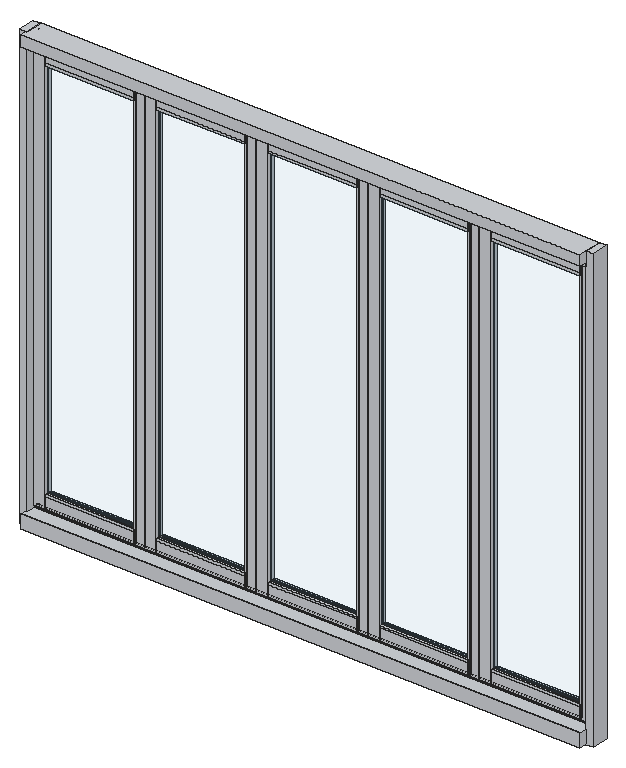
Revit family "MT-HB_BIFOLD DOOR_XXXXX", category Doors, host Wall, Revit 2017 (continued)
Definition of nested family "HB_DB-SG_GLAZED TOP PANEL"
  Definition of nested family "DETAIL_HB14_SINGLE GLAZED DOOR STILE"
    Lines and regions (mm)
      model lines, in view "Ref. Level"
        curve 71: line (47.853, -9.531, 0) -> (65.629, -14.294, 0)
        curve 72: line (66, -14.777, 0) -> (66, -20, 0)
        curve 73: line (65.5, -20.5, 0) -> (6.991, -20.5, 0)
        curve 74: line (6.491, -20, 0) -> (6.491, -16.5, 0)
        curve 75: line (5.491, -15.5, 0) -> (4, -15.5, 0)
        curve 76: line (3, -14.5, 0) -> (3, 14.5, 0)
        curve 77: line (4, 15.5, 0) -> (5.491, 15.5, 0)
        curve 78: line (6.491, 16.5, 0) -> (6.491, 20, 0)
        curve 79: line (6.991, 20.5, 0) -> (65.5, 20.5, 0)
        curve 80: line (66, 20, 0) -> (66, 14.777, 0)
  Definition of nested family "DETAIL_HB70_DOUBLE GLAZED DOOR STILE"
    Reference planes
      plane 1 "Center (Front/Back)": y = 0
      plane 2: z = 0
      plane 3 "Center (Left/Right)": x = 0
    Lines and regions (mm)
      model lines, in view "Ref. Level"
        curve 1: arc (64.848, 20.65, 0) -> (64.438, 20.437, 0) -> (64.378, 19.979, 0) r 0.5
        curve 2: arc (65.124, 17.927, 0) -> (63.886, 16.252, 0) -> (62.825, 18.044, 0) r 1.25
        curve 3: arc (62.825, 18.044, 0) -> (62.864, 18.198, 0) -> (62.84, 18.355, 0) r 0.4
        curve 4: arc (62.18, 20.171, 0) -> (61.997, 20.41, 0) -> (61.71, 20.5, 0) r 0.5
        curve 5: arc (49.5, 20.5, 0) -> (49.146, 20.354, 0) -> (49, 20, 0) r 0.5
        curve 6: arc (49, 0.757, 0) -> (48.962, 0.566, 0) -> (48.853, 0.404, 0) r 0.5
        curve 7: arc (48.853, -0.404, 0) -> (48.962, -0.566, 0) -> (49, -0.757, 0) r 0.5
        curve 8: arc (49, -20, 0) -> (49.146, -20.354, 0) -> (49.5, -20.5, 0) r 0.5
        curve 9: arc (61.71, -20.5, 0) -> (61.997, -20.41, 0) -> (62.18, -20.171, 0) r 0.5
        curve 10: arc (62.84, -18.355, 0) -> (62.864, -18.198, 0) -> (62.825, -18.044, 0) r 0.4
        curve 11: arc (62.825, -18.044, 0) -> (63.886, -16.252, 0) -> (65.124, -17.927, 0) r 1.25
        curve 12: arc (64.378, -19.979, 0) -> (64.438, -20.437, 0) -> (64.848, -20.65, 0) r 0.5
        curve 13: arc (71.237, -20.65, 0) -> (71.647, -20.437, 0) -> (71.707, -19.979, 0) r 0.5
        curve 14: arc (70.23, -15.921, 0) -> (70.346, -15.396, 0) -> (70.871, -15.28, 0) r 0.5
        curve 15: arc (72.337, -15.814, 0) -> (72.528, -15.96, 0) -> (72.6, -16.19, 0) r 0.4
        curve 16: arc (72.6, -17.25, 0) -> (72.717, -17.533, 0) -> (73, -17.65, 0) r 0.4
        curve 17: arc (74.6, -17.65, 0) -> (74.883, -17.767, 0) -> (75, -18.05, 0) r 0.4
        curve 18: arc (75, -22.1, 0) -> (74.883, -22.383, 0) -> (74.6, -22.5, 0) r 0.4
        curve 19: arc (0.5, -22.5, 0) -> (0.146, -22.354, 0) -> (0, -22, 0) r 0.5
        curve 20: arc (0, -20.7, 0) -> (0.146, -20.346, 0) -> (0.5, -20.2, 0) r 0.5
        curve 21: arc (4.1, -20.2, 0) -> (4.383, -20.083, 0) -> (4.5, -19.8, 0) r 0.4
        curve 22: arc (4.5, -17.9, 0) -> (4.383, -17.617, 0) -> (4.1, -17.5, 0) r 0.4
        curve 23: arc (1, -17.5, 0) -> (0.5, -18, 0) -> (0, -17.5, 0) r 0.5
        curve 24: arc (0, -15.507, 0) -> (0.038, -15.316, 0) -> (0.146, -15.154, 0) r 0.5
        curve 25: arc (0.146, -14.446, 0) -> (0.038, -14.284, 0) -> (0, -14.093, 0) r 0.5
        curve 26: arc (0, 14.093, 0) -> (0.038, 14.284, 0) -> (0.146, 14.446, 0) r 0.5
        curve 27: arc (0.146, 15.154, 0) -> (0.038, 15.316, 0) -> (0, 15.507, 0) r 0.5
        curve 28: arc (0, 17.5, 0) -> (0.5, 18, 0) -> (1, 17.5, 0) r 0.5
        curve 29: arc (4.1, 17.5, 0) -> (4.383, 17.617, 0) -> (4.5, 17.9, 0) r 0.4
        curve 30: arc (4.5, 19.8, 0) -> (4.383, 20.083, 0) -> (4.1, 20.2, 0) r 0.4
        curve 31: arc (0.5, 20.2, 0) -> (0.146, 20.346, 0) -> (0, 20.7, 0) r 0.5
        curve 32: arc (0, 22, 0) -> (0.146, 22.354, 0) -> (0.5, 22.5, 0) r 0.5
        curve 33: arc (74.6, 22.5, 0) -> (74.883, 22.383, 0) -> (75, 22.1, 0) r 0.4
        curve 34: arc (75, 18.05, 0) -> (74.883, 17.767, 0) -> (74.6, 17.65, 0) r 0.4
        curve 35: arc (73, 17.65, 0) -> (72.717, 17.533, 0) -> (72.6, 17.25, 0) r 0.4
        curve 36: arc (72.6, 16.19, 0) -> (72.528, 15.96, 0) -> (72.337, 15.814, 0) r 0.4
        curve 37: arc (70.871, 15.28, 0) -> (70.346, 15.396, 0) -> (70.23, 15.921, 0) r 0.5
        curve 38: arc (71.707, 19.979, 0) -> (71.647, 20.437, 0) -> (71.237, 20.65, 0) r 0.5
        curve 39: arc (3, 14.5, 0) -> (3.293, 15.207, 0) -> (4.001, 15.5, 0) r 1
        curve 40: arc (5.5, 15.5, 0) -> (6.207, 15.793, 0) -> (6.5, 16.5, 0) r 1
        curve 41: arc (6.5, 20, 0) -> (6.646, 20.354, 0) -> (7, 20.5, 0) r 0.5
        curve 42: arc (45.5, 20.5, 0) -> (45.853, 20.354, 0) -> (46, 20, 0) r 0.5
        curve 43: arc (46, -20, 0) -> (45.853, -20.354, 0) -> (45.5, -20.5, 0) r 0.5
        curve 44: arc (7, -20.5, 0) -> (6.646, -20.354, 0) -> (6.5, -20, 0) r 0.5
        curve 45: arc (6.5, -16.5, 0) -> (6.207, -15.793, 0) -> (5.5, -15.5, 0) r 1
        curve 46: arc (4, -15.5, 0) -> (3.293, -15.207, 0) -> (3, -14.5, 0) r 1
        curve 47: line (64.378, 19.979, 0) -> (65.124, 17.927, 0)
        curve 48: line (62.84, 18.355, 0) -> (62.18, 20.171, 0)
        curve 49: line (61.71, 20.5, 0) -> (49.5, 20.5, 0)
        curve 50: line (49, 20, 0) -> (49, 0.757, 0)
        curve 51: line (48.853, 0.404, 0) -> (48.7, 0.25, 0)
        curve 52: line (48.7, 0.25, 0) -> (48.7, -0.25, 0)
        curve 53: line (48.7, -0.25, 0) -> (48.853, -0.404, 0)
        curve 54: line (49, -0.757, 0) -> (49, -20, 0)
        curve 55: line (49.5, -20.5, 0) -> (61.71, -20.5, 0)
        curve 56: line (62.18, -20.171, 0) -> (62.84, -18.355, 0)
        curve 57: line (65.124, -17.927, 0) -> (64.378, -19.979, 0)
        curve 58: line (64.848, -20.65, 0) -> (71.237, -20.65, 0)
        curve 59: line (71.707, -19.979, 0) -> (70.23, -15.921, 0)
        curve 60: line (70.871, -15.28, 0) -> (72.337, -15.814, 0)
        curve 61: line (72.6, -16.19, 0) -> (72.6, -17.25, 0)
        curve 62: line (73, -17.65, 0) -> (74.6, -17.65, 0)
        curve 63: line (75, -18.05, 0) -> (75, -22.1, 0)
        curve 64: line (74.6, -22.5, 0) -> (0.5, -22.5, 0)
        curve 65: line (0, -22, 0) -> (0, -20.7, 0)
        curve 66: line (0.5, -20.2, 0) -> (4.1, -20.2, 0)
        curve 67: line (4.5, -19.8, 0) -> (4.5, -17.9, 0)
        curve 68: line (4.1, -17.5, 0) -> (1, -17.5, 0)
        curve 69: line (0, -17.5, 0) -> (0, -15.507, 0)
        curve 70: line (0.146, -15.154, 0) -> (0.5, -14.8, 0)
        curve 71: line (0.5, -14.8, 0) -> (0.146, -14.446, 0)
        curve 72: line (0, -14.093, 0) -> (0, 14.093, 0)
        curve 73: line (0.146, 14.446, 0) -> (0.5, 14.8, 0)
        curve 74: line (0.5, 14.8, 0) -> (0.146, 15.154, 0)
        curve 75: line (0, 15.507, 0) -> (0, 17.5, 0)
        curve 76: line (1, 17.5, 0) -> (4.1, 17.5, 0)
        curve 77: line (4.5, 17.9, 0) -> (4.5, 19.8, 0)
        curve 78: line (4.1, 20.2, 0) -> (0.5, 20.2, 0)
        curve 79: line (0, 20.7, 0) -> (0, 22, 0)
        curve 80: line (0.5, 22.5, 0) -> (74.6, 22.5, 0)
        curve 81: line (75, 22.1, 0) -> (75, 18.05, 0)
        curve 82: line (74.6, 17.65, 0) -> (73, 17.65, 0)
        curve 83: line (72.6, 17.25, 0) -> (72.6, 16.19, 0)
        curve 84: line (72.337, 15.814, 0) -> (70.871, 15.28, 0)
        curve 85: line (70.23, 15.921, 0) -> (71.707, 19.979, 0)
        curve 86: line (71.237, 20.65, 0) -> (64.848, 20.65, 0)
        curve 87: line (4.001, 15.5, 0) -> (5.5, 15.5, 0)
        curve 88: line (6.5, 16.5, 0) -> (6.5, 20, 0)
        curve 89: line (7, 20.5, 0) -> (45.5, 20.5, 0)
        curve 90: line (46, 20, 0) -> (46, -20, 0)
        curve 91: line (45.5, -20.5, 0) -> (7, -20.5, 0)
        curve 92: line (6.5, -20, 0) -> (6.5, -16.5, 0)
        curve 93: line (5.5, -15.5, 0) -> (4, -15.5, 0)
        curve 94: line (3, -14.5, 0) -> (3, 14.5, 0)
  Definition of nested family "DETAIL_HB17_TOP&BOTTOM RAIL"
    Reference planes
      plane 1 "Center (Front/Back)": y = 0
      plane 2: z = 0
      plane 3 "Center (Left/Right)": x = 0
    Lines and regions (mm)
      detail lines, in view "Ref. Level"
        curve 1: arc (20.5, -80.5, 0) -> (20.354, -80.854, 0) -> (20, -81, 0) r 0.5
        curve 2: arc (12, -81, 0) -> (11.646, -80.854, 0) -> (11.5, -80.5, 0) r 0.5
        curve 3: arc (11.5, -79.98, 0) -> (11.41, -79.694, 0) -> (11.171, -79.51, 0) r 0.5
        curve 4: arc (7.5, -78.2, 0) -> (7.217, -78.317, 0) -> (7.1, -78.6, 0) r 0.4
        curve 5: arc (7.582, -80.452, 0) -> (7.654, -80.559, 0) -> (7.775, -80.6, 0) r 0.2
        curve 6: arc (9.5, -82.8, 0) -> (9.559, -82.941, 0) -> (9.7, -83, 0) r 0.2
        curve 7: arc (22.3, -83, 0) -> (22.441, -82.941, 0) -> (22.5, -82.8, 0) r 0.2
        curve 8: arc (22.5, -0.2, 0) -> (22.441, -0.059, 0) -> (22.3, 0, 0) r 0.2
        curve 9: arc (20.5, 0, 0) -> (20.359, -0.059, 0) -> (20.3, -0.2, 0) r 0.2
        curve 10: arc (20.3, -15.5, 0) -> (20.154, -15.854, 0) -> (19.8, -16, 0) r 0.5
        curve 11: arc (-19.8, -16, 0) -> (-20.154, -15.854, 0) -> (-20.3, -15.5, 0) r 0.5
        curve 12: arc (-20.3, -0.2, 0) -> (-20.359, -0.059, 0) -> (-20.5, 0, 0) r 0.2
        curve 13: arc (-22.3, 0, 0) -> (-22.441, -0.059, 0) -> (-22.5, -0.2, 0) r 0.2
        curve 14: arc (-22.5, -66.8, 0) -> (-22.441, -66.941, 0) -> (-22.3, -67, 0) r 0.2
        curve 15: arc (-19.707, -65.907, 0) -> (-19.494, -65.475, 0) -> (-19.588, -65.002, 0) r 0.75
        curve 16: arc (-20.022, -64.25, 0) -> (-20.022, -63.75, 0) -> (-19.589, -63.5, 0) r 0.5
        curve 17: arc (-4.95, -65.5, 0) -> (-5.7, -66.25, 0) -> (-4.95, -67, 0) r 0.75
        curve 18: arc (20, -67, 0) -> (20.354, -67.146, 0) -> (20.5, -67.5, 0) r 0.5
        curve 19: arc (20, -65, 0) -> (20.492, -64.59, 0) -> (20.176, -64.032, 0) r 0.5
        curve 20: arc (16.024, -62.468, 0) -> (15.708, -61.91, 0) -> (16.2, -61.5, 0) r 0.5
        curve 21: arc (20, -61.5, 0) -> (20.354, -61.354, 0) -> (20.5, -61, 0) r 0.5
        curve 22: arc (18.997, -52.282, 0) -> (18.854, -52.172, 0) -> (18.8, -52, 0) r 0.3
        curve 23: arc (18.8, -52, 0) -> (18.854, -51.828, 0) -> (18.997, -51.718, 0) r 0.3
        curve 24: arc (18.997, -27.282, 0) -> (18.854, -27.172, 0) -> (18.8, -27, 0) r 0.3
        curve 25: arc (18.8, -27, 0) -> (18.854, -26.828, 0) -> (18.997, -26.718, 0) r 0.3
        curve 26: arc (20.5, -18.7, 0) -> (20.354, -18.346, 0) -> (20, -18.2, 0) r 0.5
        curve 27: arc (-20, -18.2, 0) -> (-20.354, -18.346, 0) -> (-20.5, -18.7, 0) r 0.5
        curve 28: arc (-18.997, -26.718, 0) -> (-18.854, -26.828, 0) -> (-18.8, -27, 0) r 0.3
        curve 29: arc (-18.8, -27, 0) -> (-18.854, -27.172, 0) -> (-18.997, -27.282, 0) r 0.3
        curve 30: arc (-18.997, -51.718, 0) -> (-18.854, -51.828, 0) -> (-18.8, -52, 0) r 0.3
        curve 31: arc (-18.8, -52, 0) -> (-18.854, -52.172, 0) -> (-18.997, -52.282, 0) r 0.3
        curve 32: arc (-20.5, -61, 0) -> (-20.354, -61.354, 0) -> (-20, -61.5, 0) r 0.5
        curve 33: arc (-3.2, -61.5, 0) -> (-2.139, -61.939, 0) -> (-1.7, -63, 0) r 1.5
        curve 34: arc (-1.7, -64.5, 0) -> (-1.554, -64.854, 0) -> (-1.2, -65, 0) r 0.5
        curve 35: line (20, -81, 0) -> (12, -81, 0)
        curve 36: line (11.5, -80.5, 0) -> (11.5, -79.98, 0)
        curve 37: line (11.171, -79.51, 0) -> (7.637, -78.224, 0)
        curve 38: line (7.114, -78.704, 0) -> (7.582, -80.452, 0)
        curve 39: line (7.775, -80.6, 0) -> (9.5, -80.6, 0)
        curve 40: line (9.5, -80.6, 0) -> (9.5, -82.8, 0)
        curve 41: line (9.7, -83, 0) -> (22.3, -83, 0)
        curve 42: line (22.5, -82.8, 0) -> (22.5, -0.2, 0)
        curve 43: line (22.3, 0, 0) -> (20.5, 0, 0)
        curve 44: line (20.3, -0.2, 0) -> (20.3, -15.5, 0)
        curve 45: line (19.8, -16, 0) -> (13.75, -16, 0)
        curve 46: line (13.75, -16, 0) -> (13.25, -16.5, 0)
        curve 47: line (13.25, -16.5, 0) -> (12.75, -16, 0)
        curve 48: line (12.75, -16, 0) -> (-12.75, -16, 0)
        curve 49: line (-12.75, -16, 0) -> (-13.25, -16.5, 0)
        curve 50: line (-13.25, -16.5, 0) -> (-13.75, -16, 0)
        curve 51: line (-13.75, -16, 0) -> (-19.8, -16, 0)
        curve 52: line (-20.3, -15.5, 0) -> (-20.3, -0.2, 0)
        curve 53: line (-20.5, 0, 0) -> (-22.3, 0, 0)
        curve 54: line (-22.5, -0.2, 0) -> (-22.5, -66.8, 0)
        curve 55: line (-22.3, -67, 0) -> (-20.883, -67, 0)
        curve 56: line (-20.883, -67, 0) -> (-19.707, -65.907, 0)
        curve 57: line (-19.588, -65.002, 0) -> (-20.022, -64.25, 0)
        curve 58: line (-19.589, -63.5, 0) -> (-3.7, -63.5, 0)
        curve 59: line (-3.7, -63.5, 0) -> (-3.7, -65.5, 0)
        curve 60: line (-3.7, -65.5, 0) -> (-4.95, -65.5, 0)
        curve 61: line (-4.95, -67, 0) -> (20, -67, 0)
        curve 62: line (20.5, -67.5, 0) -> (20.5, -80.5, 0)
        curve 63: line (20.176, -64.032, 0) -> (16.024, -62.468, 0)
        curve 64: line (16.2, -61.5, 0) -> (20, -61.5, 0)
        curve 65: line (20.5, -61, 0) -> (20.5, -52.829, 0)
        curve 66: line (20.5, -52.829, 0) -> (18.997, -52.282, 0)
        curve 67: line (18.997, -51.718, 0) -> (20.5, -51.171, 0)
        curve 68: line (20.5, -51.171, 0) -> (20.5, -27.829, 0)
        curve 69: line (20.5, -27.829, 0) -> (18.997, -27.282, 0)
        curve 70: line (18.997, -26.718, 0) -> (20.5, -26.171, 0)
        curve 71: line (20.5, -26.171, 0) -> (20.5, -18.7, 0)
        curve 72: line (20, -18.2, 0) -> (-20, -18.2, 0)
        curve 73: line (-20.5, -18.7, 0) -> (-20.5, -26.171, 0)
        curve 74: line (-20.5, -26.171, 0) -> (-18.997, -26.718, 0)
        curve 75: line (-18.997, -27.282, 0) -> (-20.5, -27.829, 0)
        curve 76: line (-20.5, -27.829, 0) -> (-20.5, -51.171, 0)
        curve 77: line (-20.5, -51.171, 0) -> (-18.997, -51.718, 0)
        curve 78: line (-18.997, -52.282, 0) -> (-20.5, -52.829, 0)
        curve 79: line (-20.5, -52.829, 0) -> (-20.5, -61, 0)
        curve 80: line (-20, -61.5, 0) -> (-3.2, -61.5, 0)
        curve 81: line (-1.7, -63, 0) -> (-1.7, -64.5, 0)
        curve 82: line (-1.2, -65, 0) -> (9.1, -65, 0)
        curve 83: line (9.1, -65, 0) -> (9.4, -65.3, 0)
        curve 84: line (9.4, -65.3, 0) -> (9.7, -65, 0)
        curve 85: line (9.7, -65, 0) -> (20, -65, 0)
  Definition of nested family "DETAIL_HB18_TOP&BOTTOM RAIL"
    Reference planes
      plane 1 "Center (Front/Back)": y = 0
      plane 2: z = 0
      plane 3 "Center (Left/Right)": x = 0
    Lines and regions (mm)
      model lines, in view "Ref. Level"
        curve 1: arc (-20.465, -81.714, 0) -> (-21.026, -81.485, 0) -> (-21.265, -80.928, 0) r 0.8
        curve 2: arc (-18.499, -66.073, 0) -> (-18.272, -65.611, 0) -> (-18.372, -65.107, 0) r 0.8
        curve 3: arc (-19.156, -63.749, 0) -> (-19.839, -63.567, 0) -> (-20.022, -64.25, 0) r 0.5
        curve 4: arc (-22.27, -67.016, 0) -> (-22.434, -67.061, 0) -> (-22.505, -67.217, 0) r 0.2
        curve 5: arc (-22.237, -82.517, 0) -> (-22.178, -82.657, 0) -> (-22.037, -82.714, 0) r 0.2
        curve 6: arc (-9.334, -82.714, 0) -> (-9.193, -82.655, 0) -> (-9.134, -82.514, 0) r 0.2
        curve 7: arc (-7.713, -80.314, 0) -> (-7.591, -80.273, 0) -> (-7.52, -80.166, 0) r 0.2
        curve 8: arc (-6.998, -78.217, 0) -> (-7.114, -77.819, 0) -> (-7.521, -77.738, 0) r 0.4
        curve 9: arc (-10.844, -78.948, 0) -> (-11.302, -78.887, 0) -> (-11.515, -78.478, 0) r 0.5
        curve 10: arc (-11.515, -70.053, 0) -> (-11.431, -69.651, 0) -> (-11.192, -69.317, 0) r 1
        curve 11: arc (-6.802, -65.278, 0) -> (-6.488, -65.082, 0) -> (-6.125, -65.014, 0) r 1
        curve 12: arc (-4.015, -65.014, 0) -> (-3.449, -64.78, 0) -> (-3.215, -64.214, 0) r 0.8
        curve 13: arc (-3.215, -64.214, 0) -> (-3.449, -63.648, 0) -> (-4.015, -63.414, 0) r 0.8
        curve 14: arc (-5.473, -63.414, 0) -> (-6.2, -63.551, 0) -> (-6.827, -63.942, 0) r 2
        curve 15: arc (-11.869, -68.581, 0) -> (-12.346, -69.249, 0) -> (-12.515, -70.053, 0) r 2
        curve 16: arc (-12.515, -78.478, 0) -> (-12.103, -79.511, 0) -> (-11.093, -79.976, 0) r 1.5
        curve 17: arc (-11.093, -79.976, 0) -> (-10.554, -80.224, 0) -> (-10.334, -80.775, 0) r 0.8
        curve 18: arc (-10.334, -80.914, 0) -> (-10.568, -81.48, 0) -> (-11.134, -81.714, 0) r 0.8
        curve 19: line (-15.075, -81.355, 0) -> (-15.434, -81.714, 0)
        curve 20: line (-15.434, -81.714, 0) -> (-20.465, -81.714, 0)
        curve 21: line (-21.265, -80.928, 0) -> (-21.472, -69.046, 0)
        curve 22: line (-21.472, -69.046, 0) -> (-18.499, -66.073, 0)
        curve 23: line (-18.372, -65.107, 0) -> (-19.156, -63.749, 0)
        curve 24: line (-20.022, -64.25, 0) -> (-19.315, -65.474, 0)
        curve 25: line (-19.315, -65.474, 0) -> (-21.069, -67.228, 0)
        curve 26: line (-21.069, -67.228, 0) -> (-22.27, -67.016, 0)
        curve 27: line (-22.505, -67.217, 0) -> (-22.237, -82.517, 0)
        curve 28: line (-22.037, -82.714, 0) -> (-9.334, -82.714, 0)
        curve 29: line (-9.134, -82.514, 0) -> (-9.134, -80.314, 0)
        curve 30: line (-9.134, -80.314, 0) -> (-7.713, -80.314, 0)
        curve 31: line (-7.52, -80.166, 0) -> (-6.998, -78.217, 0)
        curve 32: line (-7.521, -77.738, 0) -> (-10.844, -78.948, 0)
        curve 33: line (-11.515, -78.478, 0) -> (-11.515, -70.053, 0)
        curve 34: line (-11.192, -69.317, 0) -> (-9.218, -67.501, 0)
        curve 35: line (-9.218, -67.501, 0) -> (-9.2, -67.077, 0)
        curve 36: line (-9.2, -67.077, 0) -> (-8.776, -67.094, 0)
        curve 37: line (-8.776, -67.094, 0) -> (-6.802, -65.278, 0)
        curve 38: line (-6.125, -65.014, 0) -> (-4.015, -65.014, 0)
        curve 39: line (-4.015, -63.414, 0) -> (-5.473, -63.414, 0)
        curve 40: line (-6.827, -63.942, 0) -> (-11.869, -68.581, 0)
        curve 41: line (-12.515, -70.053, 0) -> (-12.515, -78.478, 0)
        curve 42: line (-11.134, -81.714, 0) -> (-14.434, -81.714, 0)
        curve 43: line (-14.434, -81.714, 0) -> (-14.793, -81.355, 0)
        curve 44: arc (-14.793, -81.355, 0) -> (-14.934, -81.297, 0) -> (-15.075, -81.355, 0) r 0.2
  Definition of nested family "DETAIL_HB71_TOP&BOTTOM RAIL - DBL"
    Reference planes
      plane 1 "Center (Front/Back)": y = 0
      plane 2: z = 0
      plane 3 "Center (Left/Right)": x = 0
    Lines and regions (mm)
      detail lines, in view "Ref. Level"
        curve 1: arc (13.654, -16.146, 0) -> (13.816, -16.038, 0) -> (14.007, -16, 0) r 0.5
        curve 2: arc (19.8, -16, 0) -> (20.154, -15.854, 0) -> (20.3, -15.5, 0) r 0.5
        curve 3: arc (20.3, -0.5, 0) -> (20.446, -0.146, 0) -> (20.8, 0, 0) r 0.5
        curve 4: arc (22, 0, 0) -> (22.354, -0.146, 0) -> (22.5, -0.5, 0) r 0.5
        curve 5: arc (22.5, -92.6, 0) -> (22.383, -92.883, 0) -> (22.1, -93, 0) r 0.4
        curve 6: arc (18.05, -93, 0) -> (17.767, -92.883, 0) -> (17.65, -92.6, 0) r 0.4
        curve 7: arc (17.65, -91.1, 0) -> (17.504, -90.746, 0) -> (17.15, -90.6, 0) r 0.5
        curve 8: arc (16.19, -90.6, 0) -> (15.96, -90.527, 0) -> (15.814, -90.337, 0) r 0.4
        curve 9: arc (15.28, -88.871, 0) -> (15.396, -88.346, 0) -> (15.921, -88.23, 0) r 0.5
        curve 10: arc (19.979, -89.707, 0) -> (20.437, -89.647, 0) -> (20.65, -89.237, 0) r 0.5
        curve 11: arc (20.65, -82.848, 0) -> (20.437, -82.438, 0) -> (19.979, -82.378, 0) r 0.5
        curve 12: arc (17.927, -83.124, 0) -> (16.251, -81.902, 0) -> (18.017, -80.812, 0) r 1.25
        curve 13: arc (18.017, -80.812, 0) -> (18.204, -80.856, 0) -> (18.394, -80.826, 0) r 0.5
        curve 14: arc (20.171, -80.18, 0) -> (20.41, -79.996, 0) -> (20.5, -79.71, 0) r 0.5
        curve 15: arc (20.5, -67.5, 0) -> (20.354, -67.146, 0) -> (20, -67, 0) r 0.5
        curve 16: arc (-4.95, -67, 0) -> (-5.7, -66.25, 0) -> (-4.95, -65.5, 0) r 0.75
        curve 17: arc (-4.1, -65.5, 0) -> (-3.817, -65.383, 0) -> (-3.7, -65.1, 0) r 0.4
        curve 18: arc (-3.7, -63.9, 0) -> (-3.817, -63.617, 0) -> (-4.1, -63.5, 0) r 0.4
        curve 19: arc (-19.873, -63.5, 0) -> (-20.306, -63.75, 0) -> (-20.306, -64.25, 0) r 0.5
        curve 20: arc (-19.8, -65.125, 0) -> (-19.706, -65.598, 0) -> (-19.92, -66.03, 0) r 0.75
        curve 21: arc (-20.772, -66.883, 0) -> (-20.902, -66.969, 0) -> (-21.055, -67, 0) r 0.4
        curve 22: arc (-22.1, -67, 0) -> (-22.383, -66.883, 0) -> (-22.5, -66.6, 0) r 0.4
        curve 23: arc (-22.5, -0.5, 0) -> (-22.354, -0.146, 0) -> (-22, 0, 0) r 0.5
        curve 24: arc (-20.8, 0, 0) -> (-20.446, -0.146, 0) -> (-20.3, -0.5, 0) r 0.5
        curve 25: arc (-20.3, -15.5, 0) -> (-20.154, -15.854, 0) -> (-19.8, -16, 0) r 0.5
        curve 26: arc (-14.007, -16, 0) -> (-13.816, -16.038, 0) -> (-13.654, -16.146, 0) r 0.5
        curve 27: arc (-12.846, -16.146, 0) -> (-12.684, -16.038, 0) -> (-12.493, -16, 0) r 0.5
        curve 28: arc (12.493, -16, 0) -> (12.684, -16.038, 0) -> (12.846, -16.146, 0) r 0.5
        curve 29: arc (-20, -18.2, 0) -> (-20.354, -18.346, 0) -> (-20.5, -18.7, 0) r 0.5
        curve 30: arc (-20.5, -25.753, 0) -> (-20.41, -26.039, 0) -> (-20.171, -26.222, 0) r 0.5
        curve 31: arc (-19.067, -26.624, 0) -> (-18.804, -27, 0) -> (-19.067, -27.376, 0) r 0.4
        curve 32: arc (-20.171, -27.778, 0) -> (-20.41, -27.961, 0) -> (-20.5, -28.247, 0) r 0.5
        curve 33: arc (-20.5, -50.752, 0) -> (-20.41, -51.039, 0) -> (-20.171, -51.222, 0) r 0.5
        curve 34: arc (-19.067, -51.624, 0) -> (-18.804, -52, 0) -> (-19.067, -52.376, 0) r 0.4
        curve 35: arc (-20.171, -52.777, 0) -> (-20.41, -52.961, 0) -> (-20.5, -53.247, 0) r 0.5
        curve 36: arc (-20.5, -61, 0) -> (-20.354, -61.353, 0) -> (-20, -61.5, 0) r 0.5
        curve 37: arc (-3.2, -61.5, 0) -> (-2.139, -61.939, 0) -> (-1.7, -63, 0) r 1.5
        curve 38: arc (-1.7, -64.5, 0) -> (-1.554, -64.853, 0) -> (-1.2, -65, 0) r 0.5
        curve 39: arc (17.225, -65, 0) -> (18.208, -64.182, 0) -> (17.583, -63.066, 0) r 1
        curve 40: arc (16.021, -62.467, 0) -> (15.708, -61.909, 0) -> (16.2, -61.5, 0) r 0.5
        curve 41: arc (20, -61.5, 0) -> (20.354, -61.353, 0) -> (20.5, -61, 0) r 0.5
        curve 42: arc (20.5, -53.247, 0) -> (20.41, -52.961, 0) -> (20.171, -52.777, 0) r 0.5
        curve 43: arc (19.067, -52.376, 0) -> (18.804, -52, 0) -> (19.067, -51.624, 0) r 0.4
        curve 44: arc (20.171, -51.222, 0) -> (20.41, -51.039, 0) -> (20.5, -50.752, 0) r 0.5
        curve 45: arc (20.5, -28.247, 0) -> (20.41, -27.961, 0) -> (20.171, -27.778, 0) r 0.5
        curve 46: arc (19.067, -27.376, 0) -> (18.804, -27, 0) -> (19.067, -26.624, 0) r 0.4
        curve 47: arc (20.171, -26.222, 0) -> (20.41, -26.039, 0) -> (20.5, -25.753, 0) r 0.5
        curve 48: line (14.007, -16, 0) -> (19.8, -16, 0)
        curve 49: line (20.3, -15.5, 0) -> (20.3, -0.5, 0)
        curve 50: line (20.8, 0, 0) -> (22, 0, 0)
        curve 51: line (22.5, -0.5, 0) -> (22.5, -92.6, 0)
        curve 52: line (22.1, -93, 0) -> (18.05, -93, 0)
        curve 53: line (17.65, -92.6, 0) -> (17.65, -91.1, 0)
        curve 54: line (17.15, -90.6, 0) -> (16.19, -90.6, 0)
        curve 55: line (15.814, -90.337, 0) -> (15.28, -88.871, 0)
        curve 56: line (15.921, -88.23, 0) -> (19.979, -89.707, 0)
        curve 57: line (20.65, -89.237, 0) -> (20.65, -82.848, 0)
        curve 58: line (19.979, -82.378, 0) -> (17.927, -83.124, 0)
        curve 59: line (18.394, -80.826, 0) -> (20.171, -80.18, 0)
        curve 60: line (20.5, -79.71, 0) -> (20.5, -67.5, 0)
        curve 61: line (20, -67, 0) -> (-4.95, -67, 0)
        curve 62: line (-4.95, -65.5, 0) -> (-4.1, -65.5, 0)
        curve 63: line (-3.7, -65.1, 0) -> (-3.7, -63.9, 0)
        curve 64: line (-4.1, -63.5, 0) -> (-19.873, -63.5, 0)
        curve 65: line (-20.306, -64.25, 0) -> (-19.8, -65.125, 0)
        curve 66: line (-19.92, -66.03, 0) -> (-20.772, -66.883, 0)
        curve 67: line (-21.055, -67, 0) -> (-22.1, -67, 0)
        curve 68: line (-22.5, -66.6, 0) -> (-22.5, -0.5, 0)
        curve 69: line (-22, 0, 0) -> (-20.8, 0, 0)
        curve 70: line (-20.3, -0.5, 0) -> (-20.3, -15.5, 0)
        curve 71: line (-19.8, -16, 0) -> (-14.007, -16, 0)
        curve 72: line (-12.846, -16.146, 0) -> (-13, -16.3, 0)
        curve 73: line (-13, -16.3, 0) -> (-13.654, -16.146, 0)
        curve 74: line (-13.654, -16.146, 0) -> (-13.5, -16.3, 0)
        curve 75: line (-12.493, -16, 0) -> (12.493, -16, 0)
        curve 76: line (12.846, -16.146, 0) -> (13, -16.3, 0)
        curve 77: line (13, -16.3, 0) -> (13.5, -16.3, 0)
        curve 78: line (13.5, -16.3, 0) -> (13.654, -16.146, 0)
        curve 79: line (20, -18.2, 0) -> (-20, -18.2, 0)
        curve 80: line (-20.5, -18.7, 0) -> (-20.5, -25.753, 0)
        curve 81: line (-20.171, -26.222, 0) -> (-19.067, -26.624, 0)
        curve 82: line (-19.067, -27.376, 0) -> (-20.171, -27.778, 0)
        curve 83: line (-20.5, -28.247, 0) -> (-20.5, -50.752, 0)
        curve 84: line (-20.171, -51.222, 0) -> (-19.067, -51.624, 0)
        curve 85: line (-19.067, -52.376, 0) -> (-20.171, -52.777, 0)
        curve 86: line (-20.5, -53.247, 0) -> (-20.5, -61, 0)
        curve 87: line (-20, -61.5, 0) -> (-3.2, -61.5, 0)
        curve 88: line (-1.7, -63, 0) -> (-1.7, -64.5, 0)
        curve 89: line (-1.2, -65, 0) -> (17.225, -65, 0)
        curve 90: line (17.583, -63.066, 0) -> (16.021, -62.467, 0)
        curve 91: line (16.2, -61.5, 0) -> (20, -61.5, 0)
        curve 92: line (20.5, -61, 0) -> (20.5, -53.247, 0)
        curve 93: line (20.171, -52.777, 0) -> (19.067, -52.376, 0)
        curve 94: line (19.067, -51.624, 0) -> (20.171, -51.222, 0)
        curve 95: line (20.5, -50.752, 0) -> (20.5, -28.247, 0)
        curve 96: line (20.171, -27.778, 0) -> (19.067, -27.376, 0)
        curve 97: line (19.067, -26.624, 0) -> (20.171, -26.222, 0)
        curve 98: line (20.5, -25.753, 0) -> (20.5, -18.7, 0)
        curve 99: arc (20.5, -18.7, 0) -> (20.354, -18.346, 0) -> (20, -18.2, 0) r 0.5
  Definition of nested family "DETAIL_HB72_TOP&BOTTOM RAIL - DBL"
    Reference planes
      plane 1 "Center (Front/Back)": y = 0
      plane 2: z = 0
      plane 3 "Center (Left/Right)": x = 0
    Lines and regions (mm)
      model lines, in view "Ref. Level"
        curve 1: arc (-18.2, -65.7, 0) -> (-18.054, -65.346, 0) -> (-17.7, -65.2, 0) r 0.5
        curve 2: arc (-5.4, -65.2, 0) -> (-5.302, -65.21, 0) -> (-5.208, -65.238, 0) r 0.5
        curve 3: arc (-4.9, -63.7, 0) -> (-4.116, -64.657, 0) -> (-5.208, -65.238, 0) r 0.8
        curve 4: arc (-19.7, -64.7, 0) -> (-19.407, -63.993, 0) -> (-18.7, -63.7, 0) r 1
        curve 5: arc (-19.7, -66.5, 0) -> (-19.846, -66.853, 0) -> (-20.2, -67, 0) r 0.5
        curve 6: arc (-22.5, -67.4, 0) -> (-22.383, -67.117, 0) -> (-22.1, -67, 0) r 0.4
        curve 7: arc (-22.1, -93, 0) -> (-22.383, -92.883, 0) -> (-22.5, -92.6, 0) r 0.4
        curve 8: arc (-17.65, -92.6, 0) -> (-17.767, -92.883, 0) -> (-18.05, -93, 0) r 0.4
        curve 9: arc (-17.65, -91, 0) -> (-17.533, -90.717, 0) -> (-17.25, -90.6, 0) r 0.4
        curve 10: arc (-15.79, -90.271, 0) -> (-15.973, -90.509, 0) -> (-16.26, -90.6, 0) r 0.5
        curve 11: arc (-15.921, -88.23, 0) -> (-15.396, -88.346, 0) -> (-15.28, -88.871, 0) r 0.5
        curve 12: arc (-19.979, -89.707, 0) -> (-20.437, -89.647, 0) -> (-20.65, -89.237, 0) r 0.5
        curve 13: arc (-20.65, -82.848, 0) -> (-20.437, -82.438, 0) -> (-19.979, -82.378, 0) r 0.5
        curve 14: arc (-18.044, -80.825, 0) -> (-16.252, -81.886, 0) -> (-17.927, -83.124, 0) r 1.25
        curve 15: arc (-18.044, -80.825, 0) -> (-18.198, -80.864, 0) -> (-18.355, -80.84, 0) r 0.4
        curve 16: arc (-20.321, -80.125, 0) -> (-20.56, -79.942, 0) -> (-20.65, -79.655, 0) r 0.5
        curve 17: arc (-20.65, -68.999, 0) -> (-20.507, -68.649, 0) -> (-20.16, -68.499, 0) r 0.5
        curve 18: arc (-18.2, -66.5, 0) -> (-18.772, -67.9, 0) -> (-20.16, -68.499, 0) r 2
        curve 19: line (-17.7, -65.2, 0) -> (-5.4, -65.2, 0)
        curve 20: line (-4.9, -63.7, 0) -> (-18.7, -63.7, 0)
        curve 21: line (-19.7, -64.7, 0) -> (-19.7, -66.5, 0)
        curve 22: line (-20.2, -67, 0) -> (-22.1, -67, 0)
        curve 23: line (-22.5, -67.4, 0) -> (-22.5, -92.6, 0)
        curve 24: line (-22.1, -93, 0) -> (-18.05, -93, 0)
        curve 25: line (-17.65, -92.6, 0) -> (-17.65, -91, 0)
        curve 26: line (-17.25, -90.6, 0) -> (-16.26, -90.6, 0)
        curve 27: line (-15.79, -90.271, 0) -> (-15.28, -88.871, 0)
        curve 28: line (-15.921, -88.23, 0) -> (-19.979, -89.707, 0)
        curve 29: line (-20.65, -89.237, 0) -> (-20.65, -82.848, 0)
        curve 30: line (-19.979, -82.378, 0) -> (-17.927, -83.124, 0)
        curve 31: line (-18.355, -80.84, 0) -> (-20.321, -80.125, 0)
        curve 32: line (-20.65, -79.655, 0) -> (-20.65, -68.999, 0)
        curve 33: line (-18.2, -66.5, 0) -> (-18.2, -65.7, 0)
Definition of nested family "WARNING TAG"
  Parameters (values of type "WARNING TAG")
    MAX.WIDTH [instance] = 0 mm
    MAX.HEIGHT [instance] = 0 mm
  Reference planes
    plane 1: y = 0
    plane 2: x = 0
  Lines and regions (mm)
    detail lines
      curve 1: line (-28.489, 9.808, 0) -> (29.081, 9.808, 0)
      curve 2: line (-28.489, -1.13, 0) -> (-28.489, 9.808, 0)
      curve 3: line (29.081, -1.13, 0) -> (-28.489, -1.13, 0)
      curve 4: line (29.081, 9.808, 0) -> (29.081, -1.13, 0)
  Text (mm)
    label "Max.Width: 1200 mm" at (-3.208, 1.264, 0), shows "MAX.WIDTH"
    label "Max.Height: 1190 mm" at (3.026, 1.264, 0), shows "MAX.HEIGHT"
    text "x" at (0.137, 2.462, 0)
    text "Maximum Recommended Panel Sizes:" at (0.137, 8.414, 0)
Definition of nested family "DETAIL_HB25_MAIN FRAME"
  Reference planes
    plane 1 "Center (Front/Back)": y = 0
    plane 2: z = 0
    plane 3 "Center (Left/Right)": x = 0
  Lines and regions (mm)
    model lines, in view "Ref. Level"
      curve 1: arc (0.252, -96.207, 0) -> (0.078, -96.241, 0) -> (0, -96.4, 0) r 0.2
      curve 2: arc (0, -101.3, 0) -> (0.088, -101.512, 0) -> (0.3, -101.6, 0) r 0.3
      curve 3: arc (44.1, -101.6, 0) -> (44.312, -101.512, 0) -> (44.4, -101.3, 0) r 0.3
      curve 4: arc (46.93, -3.63, 0) -> (47.131, -3.708, 0) -> (47.228, -3.9, 0) r 0.3
      curve 5: arc (47.755, -9.18, 0) -> (47.917, -9.501, 0) -> (48.253, -9.63, 0) r 0.5
      curve 6: arc (48.9, -9.63, 0) -> (49.254, -9.484, 0) -> (49.4, -9.13, 0) r 0.5
      curve 7: arc (49.4, -4.53, 0) -> (49.517, -4.247, 0) -> (49.8, -4.13, 0) r 0.4
      curve 8: arc (51.7, -4.13, 0) -> (51.983, -4.247, 0) -> (52.1, -4.53, 0) r 0.4
      curve 9: arc (52.1, -8.63, 0) -> (51.6, -9.13, 0) -> (52.1, -9.63, 0) r 0.5
      curve 10: arc (54.2, -9.63, 0) -> (54.7, -9.13, 0) -> (54.2, -8.63, 0) r 0.5
      curve 11: arc (54.1, -8.63, 0) -> (53.746, -8.484, 0) -> (53.6, -8.13, 0) r 0.5
      curve 12: arc (53.6, -5.13, 0) -> (53.746, -4.776, 0) -> (54.1, -4.63, 0) r 0.5
      curve 13: arc (58.3, -4.63, 0) -> (58.654, -4.776, 0) -> (58.8, -5.13, 0) r 0.5
      curve 14: arc (58.8, -8.13, 0) -> (58.654, -8.484, 0) -> (58.3, -8.63, 0) r 0.5
      curve 15: arc (58.2, -8.63, 0) -> (57.7, -9.13, 0) -> (58.2, -9.63, 0) r 0.5
      curve 16: arc (59.9, -9.63, 0) -> (60.254, -9.484, 0) -> (60.4, -9.13, 0) r 0.5
      curve 17: arc (60.4, -2.13, 0) -> (60.254, -1.776, 0) -> (59.9, -1.63, 0) r 0.5
      curve 18: arc (44.4, -0.3, 0) -> (44.312, -0.088, 0) -> (44.1, 0, 0) r 0.3
      curve 19: arc (0.3, 0, 0) -> (0.088, -0.088, 0) -> (0, -0.3, 0) r 0.3
      curve 20: arc (0, -5.2, 0) -> (0.078, -5.359, 0) -> (0.252, -5.393, 0) r 0.2
      curve 21: arc (1.7, -8, 0) -> (2.45, -8.75, 0) -> (3.2, -8, 0) r 0.75
      curve 22: arc (3.2, -2.5, 0) -> (3.346, -2.146, 0) -> (3.7, -2, 0) r 0.5
      curve 23: arc (41.4, -2, 0) -> (42.107, -2.293, 0) -> (42.4, -3, 0) r 1
      curve 24: arc (42.2, -8.7, 0) -> (41.988, -8.788, 0) -> (41.9, -9, 0) r 0.3
      curve 25: arc (41.9, -12.071, 0) -> (41.923, -12.186, 0) -> (41.988, -12.284, 0) r 0.3
      curve 26: arc (42.192, -12.488, 0) -> (42.28, -12.7, 0) -> (42.192, -12.912, 0) r 0.3
      curve 27: arc (41.988, -13.116, 0) -> (41.923, -13.214, 0) -> (41.9, -13.329, 0) r 0.3
      curve 28: arc (41.9, -16.4, 0) -> (41.988, -16.612, 0) -> (42.2, -16.7, 0) r 0.3
      curve 29: arc (42.2, -84.9, 0) -> (41.988, -84.988, 0) -> (41.9, -85.2, 0) r 0.3
      curve 30: arc (41.9, -88.271, 0) -> (41.923, -88.386, 0) -> (41.988, -88.484, 0) r 0.3
      curve 31: arc (42.192, -88.688, 0) -> (42.28, -88.9, 0) -> (42.192, -89.112, 0) r 0.3
      curve 32: arc (41.988, -89.316, 0) -> (41.923, -89.414, 0) -> (41.9, -89.529, 0) r 0.3
      curve 33: arc (41.9, -92.6, 0) -> (41.988, -92.812, 0) -> (42.2, -92.9, 0) r 0.3
      curve 34: arc (42.4, -98.6, 0) -> (42.107, -99.307, 0) -> (41.4, -99.6, 0) r 1
      curve 35: arc (3.7, -99.6, 0) -> (3.346, -99.454, 0) -> (3.2, -99.1, 0) r 0.5
      curve 36: arc (3.2, -93.6, 0) -> (2.45, -92.85, 0) -> (1.7, -93.6, 0) r 0.75
      curve 37: line (1.7, -93.6, 0) -> (1.7, -96.595, 0)
      curve 38: line (1.7, -96.595, 0) -> (0.252, -96.207, 0)
      curve 39: line (0, -96.4, 0) -> (0, -101.3, 0)
      curve 40: line (0.3, -101.6, 0) -> (44.1, -101.6, 0)
      curve 41: line (44.4, -101.3, 0) -> (44.4, -3.63, 0)
      curve 42: line (44.4, -3.63, 0) -> (46.93, -3.63, 0)
      curve 43: line (47.228, -3.9, 0) -> (47.755, -9.18, 0)
      curve 44: line (48.253, -9.63, 0) -> (48.9, -9.63, 0)
      curve 45: line (49.4, -9.13, 0) -> (49.4, -4.53, 0)
      curve 46: line (49.8, -4.13, 0) -> (51.7, -4.13, 0)
      curve 47: line (52.1, -4.53, 0) -> (52.1, -8.63, 0)
      curve 48: line (52.1, -9.63, 0) -> (54.2, -9.63, 0)
      curve 49: line (53.6, -8.13, 0) -> (53.6, -5.13, 0)
      curve 50: line (54.1, -4.63, 0) -> (58.3, -4.63, 0)
      curve 51: line (58.8, -5.13, 0) -> (58.8, -8.13, 0)
      curve 52: line (58.2, -9.63, 0) -> (59.9, -9.63, 0)
      curve 53: line (60.4, -9.13, 0) -> (60.4, -2.13, 0)
      curve 54: line (59.9, -1.63, 0) -> (44.4, -1.63, 0)
      curve 55: line (44.4, -1.63, 0) -> (44.4, -0.3, 0)
      curve 56: line (44.1, 0, 0) -> (0.3, 0, 0)
      curve 57: line (0, -0.3, 0) -> (0, -5.2, 0)
      curve 58: line (0.252, -5.393, 0) -> (1.7, -5.005, 0)
      curve 59: line (1.7, -5.005, 0) -> (1.7, -8, 0)
      curve 60: line (3.2, -8, 0) -> (3.2, -2.5, 0)
      curve 61: line (3.7, -2, 0) -> (41.4, -2, 0)
      curve 62: line (42.4, -3, 0) -> (42.4, -8.7, 0)
      curve 63: line (42.4, -8.7, 0) -> (42.2, -8.7, 0)
      curve 64: line (41.9, -9, 0) -> (41.9, -12.071, 0)
      curve 65: line (41.988, -12.284, 0) -> (42.192, -12.488, 0)
      curve 66: line (42.192, -12.912, 0) -> (41.988, -13.116, 0)
      curve 67: line (41.9, -13.329, 0) -> (41.9, -16.4, 0)
      curve 68: line (42.2, -16.7, 0) -> (42.4, -16.7, 0)
      curve 69: line (42.4, -16.7, 0) -> (42.4, -84.9, 0)
      curve 70: line (42.4, -84.9, 0) -> (42.2, -84.9, 0)
      curve 71: line (41.9, -85.2, 0) -> (41.9, -88.271, 0)
      curve 72: line (41.988, -88.484, 0) -> (42.192, -88.688, 0)
      curve 73: line (42.192, -89.112, 0) -> (41.988, -89.316, 0)
      curve 74: line (41.9, -89.529, 0) -> (41.9, -92.6, 0)
      curve 75: line (42.2, -92.9, 0) -> (42.4, -92.9, 0)
      curve 76: line (42.4, -92.9, 0) -> (42.4, -98.6, 0)
      curve 77: line (41.4, -99.6, 0) -> (3.7, -99.6, 0)
      curve 78: line (3.2, -99.1, 0) -> (3.2, -93.6, 0)
Definition of nested family "DETAIL_HB41&42S_SILL JAMB"
  Reference planes
    plane 1 "Center (Front/Back)": y = 0
    plane 2: z = 0
    plane 3 "Center (Left/Right)": x = 0
  Lines and regions (mm)
    model lines, in view "Ref. Level"
      curve 1: arc (50.1, 2.33, 0) -> (50.188, 2.542, 0) -> (50.4, 2.63, 0) r 0.3
      curve 2: arc (50.4, 2.63, 0) -> (51.107, 2.923, 0) -> (51.4, 3.63, 0) r 1
      curve 3: arc (51.4, 22.3, 0) -> (51.488, 22.512, 0) -> (51.7, 22.6, 0) r 0.3
      curve 4: arc (75.32, 22.6, 0) -> (75.674, 22.454, 0) -> (75.82, 22.1, 0) r 0.5
      curve 5: arc (75.82, 12.6, 0) -> (75.966, 12.246, 0) -> (76.32, 12.1, 0) r 0.5
      curve 6: arc (85.423, 12.1, 0) -> (85.518, 12.085, 0) -> (85.603, 12.04, 0) r 0.3
      curve 7: arc (85.603, 12.04, 0) -> (85.886, 11.891, 0) -> (86.203, 11.84, 0) r 1
      curve 8: arc (86.518, 11.84, 0) -> (87.376, 12.38, 0) -> (87.261, 13.387, 0) r 0.952
      curve 9: arc (87.261, 13.387, 0) -> (87.022, 13.76, 0) -> (86.867, 14.174, 0) r 2.1
      curve 10: arc (86.867, 14.174, 0) -> (86.837, 14.248, 0) -> (86.789, 14.311, 0) r 0.3
      curve 11: arc (86.789, 15.089, 0) -> (86.837, 15.152, 0) -> (86.867, 15.226, 0) r 0.3
      curve 12: arc (86.867, 15.226, 0) -> (87.081, 15.75, 0) -> (87.428, 16.198, 0) r 2.1
      curve 13: arc (87.428, 16.198, 0) -> (87.477, 16.261, 0) -> (87.508, 16.334, 0) r 0.3
      curve 14: arc (88.181, 16.723, 0) -> (88.26, 16.713, 0) -> (88.339, 16.724, 0) r 0.3
      curve 15: arc (88.339, 16.724, 0) -> (88.9, 16.8, 0) -> (89.461, 16.724, 0) r 2.1
      curve 16: arc (89.461, 16.724, 0) -> (89.54, 16.713, 0) -> (89.619, 16.723, 0) r 0.3
      curve 17: arc (90.292, 16.334, 0) -> (90.323, 16.261, 0) -> (90.372, 16.198, 0) r 0.3
      curve 18: arc (90.372, 16.198, 0) -> (90.719, 15.75, 0) -> (90.933, 15.226, 0) r 2.1
      curve 19: arc (90.933, 15.226, 0) -> (90.963, 15.152, 0) -> (91.011, 15.089, 0) r 0.3
      curve 20: arc (91.011, 14.311, 0) -> (90.963, 14.248, 0) -> (90.933, 14.174, 0) r 0.3
      curve 21: arc (90.933, 14.174, 0) -> (90.809, 13.824, 0) -> (90.625, 13.502, 0) r 2.1
      curve 22: arc (90.343, 13.096, 0) -> (90.47, 12.041, 0) -> (91.533, 12.043, 0) r 0.8
      curve 23: arc (93.433, 13.739, 0) -> (93.6, 14.111, 0) -> (93.434, 14.484, 0) r 0.5
      curve 24: arc (92.693, 15.149, 0) -> (92.631, 15.227, 0) -> (92.598, 15.322, 0) r 0.3
      curve 25: arc (92.598, 15.322, 0) -> (91.696, 17.199, 0) -> (89.932, 18.305, 0) r 3.75
      curve 26: arc (89.932, 18.305, 0) -> (89.587, 18.656, 0) -> (89.71, 19.133, 0) r 0.5
      curve 27: arc (92.822, 22.356, 0) -> (93.085, 22.536, 0) -> (93.398, 22.6, 0) r 0.8
      curve 28: arc (99.2, 22.6, 0) -> (99.907, 22.307, 0) -> (100.2, 21.6, 0) r 1
      curve 29: arc (100.2, 3.46, 0) -> (100.087, 3.143, 0) -> (99.8, 2.97, 0) r 0.5
      curve 30: arc (99.8, 2.97, 0) -> (99.151, 0.338, 0) -> (101.6, 1.5, 0) r 1.5
      curve 31: arc (101.6, 22.4, 0) -> (101.014, 23.814, 0) -> (99.6, 24.4, 0) r 2
      curve 32: arc (97, 24.4, 0) -> (96.788, 24.312, 0) -> (96.7, 24.1, 0) r 0.3
      curve 33: arc (93.7, 24.1, 0) -> (93.612, 24.312, 0) -> (93.4, 24.4, 0) r 0.3
      curve 34: arc (91, 24.4, 0) -> (90.788, 24.312, 0) -> (90.7, 24.1, 0) r 0.3
      curve 35: arc (86.855, 24.1, 0) -> (86.744, 24.121, 0) -> (86.649, 24.182, 0) r 0.3
      curve 36: arc (86.649, 24.182, 0) -> (85.4, 23.987, 0) -> (85.9, 22.825, 0) r 0.8
      curve 37: arc (89.448, 21.91, 0) -> (89.662, 21.701, 0) -> (89.589, 21.412, 0) r 0.3
      curve 38: arc (86.418, 18.128, 0) -> (85.215, 16.188, 0) -> (84.918, 13.925, 0) r 5.41
      curve 39: arc (84.918, 13.925, 0) -> (84.84, 13.697, 0) -> (84.619, 13.6, 0) r 0.3
      curve 40: arc (81.777, 13.6, 0) -> (81.662, 13.577, 0) -> (81.565, 13.512, 0) r 0.3
      curve 41: arc (81.261, 13.209, 0) -> (81.12, 13.15, 0) -> (80.979, 13.209, 0) r 0.2
      curve 42: arc (80.675, 13.512, 0) -> (80.578, 13.577, 0) -> (80.463, 13.6, 0) r 0.3
      curve 43: arc (77.62, 13.6, 0) -> (77.408, 13.688, 0) -> (77.32, 13.9, 0) r 0.3
      curve 44: arc (77.32, 23.6, 0) -> (77.174, 23.954, 0) -> (76.82, 24.1, 0) r 0.5
      curve 45: arc (75.7, 24.1, 0) -> (75.612, 24.312, 0) -> (75.4, 24.4, 0) r 0.3
      curve 46: arc (73, 24.4, 0) -> (72.788, 24.312, 0) -> (72.7, 24.1, 0) r 0.3
      curve 47: arc (69.7, 24.1, 0) -> (69.612, 24.312, 0) -> (69.4, 24.4, 0) r 0.3
      curve 48: arc (67, 24.4, 0) -> (66.788, 24.312, 0) -> (66.7, 24.1, 0) r 0.3
      curve 49: arc (63.7, 24.1, 0) -> (63.612, 24.312, 0) -> (63.4, 24.4, 0) r 0.3
      curve 50: arc (61, 24.4, 0) -> (60.788, 24.312, 0) -> (60.7, 24.1, 0) r 0.3
      curve 51: arc (57.7, 24.1, 0) -> (57.612, 24.312, 0) -> (57.4, 24.4, 0) r 0.3
      curve 52: arc (55, 24.4, 0) -> (54.788, 24.312, 0) -> (54.7, 24.1, 0) r 0.3
      curve 53: arc (51.6, 24.1, 0) -> (51.388, 24.188, 0) -> (51.3, 24.4, 0) r 0.3
      curve 54: arc (51.3, 25.6, 0) -> (51.007, 26.307, 0) -> (50.3, 26.6, 0) r 1
      curve 55: arc (46.5, 26.6, 0) -> (45, 25.1, 0) -> (46.5, 23.6, 0) r 1.5
      curve 56: arc (49.1, 23.6, 0) -> (49.666, 23.366, 0) -> (49.9, 22.8, 0) r 0.8
      curve 57: arc (49.9, 5.5, 0) -> (49.607, 4.793, 0) -> (48.9, 4.5, 0) r 1
      curve 58: arc (39.489, 4.5, 0) -> (39.399, 4.486, 0) -> (39.317, 4.446, 0) r 0.3
      curve 59: arc (38.959, 4.195, 0) -> (38.5, 4.05, 0) -> (38.041, 4.195, 0) r 0.8
      curve 60: arc (37.683, 4.446, 0) -> (37.601, 4.486, 0) -> (37.511, 4.5, 0) r 0.3
      curve 61: arc (28.1, 4.5, 0) -> (27.393, 4.793, 0) -> (27.1, 5.5, 0) r 1
      curve 62: arc (27.1, 22.8, 0) -> (27.334, 23.366, 0) -> (27.9, 23.6, 0) r 0.8
      curve 63: arc (30.5, 23.6, 0) -> (32, 25.1, 0) -> (30.5, 26.6, 0) r 1.5
      curve 64: arc (26.28, 26.6, 0) -> (25.573, 26.307, 0) -> (25.28, 25.6, 0) r 1
      curve 65: arc (25.28, 13.9, 0) -> (25.192, 13.688, 0) -> (24.98, 13.6, 0) r 0.3
      curve 66: arc (21.587, 13.6, 0) -> (21.472, 13.577, 0) -> (21.375, 13.512, 0) r 0.3
      curve 67: arc (21.071, 13.209, 0) -> (20.93, 13.15, 0) -> (20.789, 13.209, 0) r 0.2
      curve 68: arc (20.485, 13.512, 0) -> (20.388, 13.577, 0) -> (20.273, 13.6, 0) r 0.3
      curve 69: arc (16.85, 13.6, 0) -> (16.638, 13.688, 0) -> (16.55, 13.9, 0) r 0.3
      curve 70: arc (16.55, 14.459, 0) -> (15.333, 17.801, 0) -> (12.253, 19.58, 0) r 5.2
      curve 71: arc (3.878, 21.056, 0) -> (3.7, 21.159, 0) -> (3.63, 21.352, 0) r 0.3
      curve 72: arc (3.63, 34.139, 0) -> (3.708, 34.34, 0) -> (3.9, 34.437, 0) r 0.3
      curve 73: arc (9.18, 34.965, 0) -> (9.501, 35.127, 0) -> (9.63, 35.462, 0) r 0.5
      curve 74: arc (9.63, 36.11, 0) -> (9.484, 36.464, 0) -> (9.13, 36.61, 0) r 0.5
      curve 75: arc (4.53, 36.61, 0) -> (4.247, 36.727, 0) -> (4.13, 37.01, 0) r 0.4
      curve 76: arc (4.13, 38.91, 0) -> (4.247, 39.193, 0) -> (4.53, 39.31, 0) r 0.4
      curve 77: arc (8.63, 39.31, 0) -> (9.13, 38.81, 0) -> (9.63, 39.31, 0) r 0.5
      curve 78: arc (9.63, 41.41, 0) -> (9.13, 41.91, 0) -> (8.63, 41.41, 0) r 0.5
      curve 79: arc (8.63, 41.31, 0) -> (8.484, 40.956, 0) -> (8.13, 40.81, 0) r 0.5
      curve 80: arc (5.13, 40.81, 0) -> (4.776, 40.956, 0) -> (4.63, 41.31, 0) r 0.5
      curve 81: arc (4.63, 45.398, 0) -> (4.788, 45.763, 0) -> (5.162, 45.897, 0) r 0.5
      curve 82: arc (8.443, 45.684, 0) -> (8.576, 45.621, 0) -> (8.63, 45.484, 0) r 0.2
      curve 83: arc (8.63, 45.41, 0) -> (9.13, 44.91, 0) -> (9.63, 45.41, 0) r 0.5
      curve 84: arc (9.63, 46.641, 0) -> (9.495, 46.983, 0) -> (9.162, 47.14, 0) r 0.5
      curve 85: arc (2.162, 47.595, 0) -> (1.788, 47.461, 0) -> (1.63, 47.096, 0) r 0.5
      curve 86: arc (1.63, 19.9, 0) -> (1.542, 19.688, 0) -> (1.33, 19.6, 0) r 0.3
      curve 87: arc (1, 19.6, 0) -> (0.293, 19.307, 0) -> (0, 18.6, 0) r 1
      curve 88: arc (0, 1.5, 0) -> (2.449, 0.338, 0) -> (1.8, 2.97, 0) r 1.5
      curve 89: arc (1.8, 2.97, 0) -> (1.513, 3.143, 0) -> (1.4, 3.46, 0) r 0.5
      curve 90: arc (1.4, 16.8, 0) -> (1.693, 17.507, 0) -> (2.4, 17.8, 0) r 1
      curve 91: arc (3.13, 17.8, 0) -> (3.484, 17.946, 0) -> (3.63, 18.3, 0) r 0.5
      curve 92: arc (3.63, 18.319, 0) -> (3.916, 18.932, 0) -> (4.569, 19.107, 0) r 0.8
      curve 93: arc (9.592, 18.221, 0) -> (9.77, 18.118, 0) -> (9.84, 17.926, 0) r 0.3
      curve 94: arc (9.84, 17.233, 0) -> (9.823, 17.134, 0) -> (9.774, 17.046, 0) r 0.3
      curve 95: arc (9.774, 17.046, 0) -> (9.278, 16.233, 0) -> (9.002, 15.322, 0) r 3.75
      curve 96: arc (9.002, 15.322, 0) -> (8.969, 15.227, 0) -> (8.907, 15.149, 0) r 0.3
      curve 97: arc (8.166, 14.484, 0) -> (8, 14.111, 0) -> (8.167, 13.739, 0) r 0.5
      curve 98: arc (10.067, 12.043, 0) -> (11.13, 12.041, 0) -> (11.257, 13.096, 0) r 0.8
      curve 99: arc (10.975, 13.502, 0) -> (10.791, 13.824, 0) -> (10.667, 14.174, 0) r 2.1
      curve 100: arc (10.667, 14.174, 0) -> (10.637, 14.248, 0) -> (10.589, 14.311, 0) r 0.3
      curve 101: arc (10.589, 15.089, 0) -> (10.637, 15.152, 0) -> (10.667, 15.226, 0) r 0.3
      curve 102: arc (10.667, 15.226, 0) -> (10.881, 15.75, 0) -> (11.228, 16.198, 0) r 2.1
      curve 103: arc (11.228, 16.198, 0) -> (11.277, 16.261, 0) -> (11.308, 16.334, 0) r 0.3
      curve 104: arc (11.981, 16.723, 0) -> (12.06, 16.713, 0) -> (12.139, 16.724, 0) r 0.3
      curve 105: arc (12.139, 16.724, 0) -> (12.7, 16.8, 0) -> (13.261, 16.724, 0) r 2.1
      curve 106: arc (13.261, 16.724, 0) -> (13.34, 16.713, 0) -> (13.419, 16.723, 0) r 0.3
      curve 107: arc (14.092, 16.334, 0) -> (14.123, 16.261, 0) -> (14.172, 16.198, 0) r 0.3
      curve 108: arc (14.172, 16.198, 0) -> (14.519, 15.75, 0) -> (14.733, 15.226, 0) r 2.1
      curve 109: arc (14.733, 15.226, 0) -> (14.763, 15.152, 0) -> (14.811, 15.089, 0) r 0.3
      curve 110: arc (14.811, 14.311, 0) -> (14.763, 14.248, 0) -> (14.733, 14.174, 0) r 0.3
      curve 111: arc (14.733, 14.174, 0) -> (14.578, 13.76, 0) -> (14.339, 13.387, 0) r 2.1
      curve 112: arc (14.339, 13.387, 0) -> (14.224, 12.38, 0) -> (15.082, 11.84, 0) r 0.952
      curve 113: arc (15.327, 11.84, 0) -> (15.663, 11.887, 0) -> (15.972, 12.024, 0) r 1.22
      curve 114: arc (15.972, 12.024, 0) -> (16.099, 12.081, 0) -> (16.236, 12.1, 0) r 0.5
      curve 115: arc (24.98, 12.1, 0) -> (25.192, 12.012, 0) -> (25.28, 11.8, 0) r 0.3
      curve 116: arc (25.28, 9.9, 0) -> (25.24, 9.75, 0) -> (25.13, 9.64, 0) r 0.3
      curve 117: arc (25.13, 9.64, 0) -> (25.02, 9.53, 0) -> (24.98, 9.38, 0) r 0.3
      curve 118: arc (24.98, 8.2, 0) -> (25.068, 7.988, 0) -> (25.28, 7.9, 0) r 0.3
      curve 119: arc (25.28, 7.9, 0) -> (25.492, 7.812, 0) -> (25.58, 7.6, 0) r 0.3
      curve 120: arc (25.58, 6.42, 0) -> (25.54, 6.27, 0) -> (25.43, 6.16, 0) r 0.3
      curve 121: arc (25.43, 6.16, 0) -> (25.32, 6.05, 0) -> (25.28, 5.9, 0) r 0.3
      curve 122: arc (25.28, 4, 0) -> (25.573, 3.293, 0) -> (26.28, 3, 0) r 1
      curve 123: arc (47.7, 3, 0) -> (48.266, 2.766, 0) -> (48.5, 2.2, 0) r 0.8
      curve 124: arc (48.5, 0.8, 0) -> (49.3, 0, 0) -> (50.1, 0.8, 0) r 0.8
      curve 125: line (51.4, 3.63, 0) -> (51.4, 22.3, 0)
      curve 126: line (51.7, 22.6, 0) -> (75.32, 22.6, 0)
      curve 127: line (75.82, 22.1, 0) -> (75.82, 12.6, 0)
      curve 128: line (76.32, 12.1, 0) -> (85.423, 12.1, 0)
      curve 129: line (86.203, 11.84, 0) -> (86.518, 11.84, 0)
      curve 130: line (86.789, 14.311, 0) -> (86.4, 14.7, 0)
      curve 131: line (86.4, 14.7, 0) -> (86.789, 15.089, 0)
      curve 132: line (87.508, 16.334, 0) -> (87.65, 16.865, 0)
      curve 133: line (87.65, 16.865, 0) -> (88.181, 16.723, 0)
      curve 134: line (89.619, 16.723, 0) -> (90.15, 16.865, 0)
      curve 135: line (90.15, 16.865, 0) -> (90.292, 16.334, 0)
      curve 136: line (91.011, 15.089, 0) -> (91.4, 14.7, 0)
      curve 137: line (91.4, 14.7, 0) -> (91.011, 14.311, 0)
      curve 138: line (90.625, 13.502, 0) -> (90.343, 13.096, 0)
      curve 139: line (91.533, 12.043, 0) -> (93.433, 13.739, 0)
      curve 140: line (93.434, 14.484, 0) -> (92.693, 15.149, 0)
      curve 141: line (89.71, 19.133, 0) -> (92.822, 22.356, 0)
      curve 142: line (93.398, 22.6, 0) -> (99.2, 22.6, 0)
      curve 143: line (100.2, 21.6, 0) -> (100.2, 3.46, 0)
      curve 144: line (101.6, 1.5, 0) -> (101.6, 22.4, 0)
      curve 145: line (99.6, 24.4, 0) -> (97, 24.4, 0)
      curve 146: line (96.7, 24.1, 0) -> (93.7, 24.1, 0)
      curve 147: line (93.4, 24.4, 0) -> (91, 24.4, 0)
      curve 148: line (90.7, 24.1, 0) -> (86.855, 24.1, 0)
      curve 149: line (85.9, 22.825, 0) -> (89.448, 21.91, 0)
      curve 150: line (89.589, 21.412, 0) -> (86.418, 18.128, 0)
      curve 151: line (84.619, 13.6, 0) -> (81.777, 13.6, 0)
      curve 152: line (81.565, 13.512, 0) -> (81.261, 13.209, 0)
      curve 153: line (80.979, 13.209, 0) -> (80.675, 13.512, 0)
      curve 154: line (80.463, 13.6, 0) -> (77.62, 13.6, 0)
      curve 155: line (77.32, 13.9, 0) -> (77.32, 23.6, 0)
      curve 156: line (76.82, 24.1, 0) -> (75.7, 24.1, 0)
      curve 157: line (75.4, 24.4, 0) -> (73, 24.4, 0)
      curve 158: line (72.7, 24.1, 0) -> (69.7, 24.1, 0)
      curve 159: line (69.4, 24.4, 0) -> (67, 24.4, 0)
      curve 160: line (66.7, 24.1, 0) -> (63.7, 24.1, 0)
      curve 161: line (63.4, 24.4, 0) -> (61, 24.4, 0)
      curve 162: line (60.7, 24.1, 0) -> (57.7, 24.1, 0)
      curve 163: line (57.4, 24.4, 0) -> (55, 24.4, 0)
      curve 164: line (54.7, 24.1, 0) -> (51.6, 24.1, 0)
      curve 165: line (51.3, 24.4, 0) -> (51.3, 25.6, 0)
      curve 166: line (50.3, 26.6, 0) -> (46.5, 26.6, 0)
      curve 167: line (46.5, 23.6, 0) -> (49.1, 23.6, 0)
      curve 168: line (49.9, 22.8, 0) -> (49.9, 5.5, 0)
      curve 169: line (48.9, 4.5, 0) -> (39.489, 4.5, 0)
      curve 170: line (39.317, 4.446, 0) -> (38.959, 4.195, 0)
      curve 171: line (38.041, 4.195, 0) -> (37.683, 4.446, 0)
      curve 172: line (37.511, 4.5, 0) -> (28.1, 4.5, 0)
      curve 173: line (27.1, 5.5, 0) -> (27.1, 22.8, 0)
      curve 174: line (27.9, 23.6, 0) -> (30.5, 23.6, 0)
      curve 175: line (30.5, 26.6, 0) -> (26.28, 26.6, 0)
      curve 176: line (25.28, 25.6, 0) -> (25.28, 13.9, 0)
      curve 177: line (24.98, 13.6, 0) -> (21.587, 13.6, 0)
      curve 178: line (21.375, 13.512, 0) -> (21.071, 13.209, 0)
      curve 179: line (20.789, 13.209, 0) -> (20.485, 13.512, 0)
      curve 180: line (20.273, 13.6, 0) -> (16.85, 13.6, 0)
      curve 181: line (16.55, 13.9, 0) -> (16.55, 14.459, 0)
      curve 182: line (12.253, 19.58, 0) -> (3.878, 21.056, 0)
      curve 183: line (3.63, 21.352, 0) -> (3.63, 34.139, 0)
      curve 184: line (3.9, 34.437, 0) -> (9.18, 34.965, 0)
